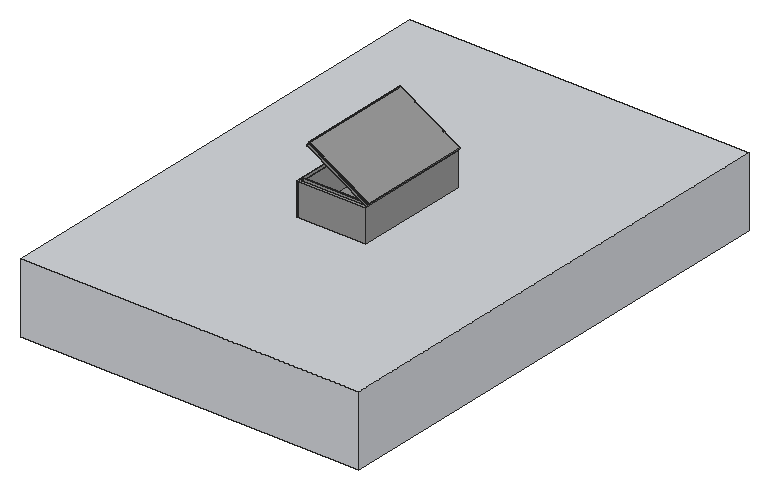
Revit family "Hager-Univers-IP44-D161-3rows-Cl.II-FWB_encl_empty-AT-de", category Equipement électrique, Revit 2020
Family settings
  Hôte = Face
  Configuration du panneau = Deux colonnes, circuits au sein
  Cote de connecteur circulaire = Utiliser le diamètre
  Type d'élément = Tableau de raccordement
  Couper avec des vides une fois chargée = Non
  Partagée = Non
  Point de calcul de pièce = Non
Parameters (values of type "Aufputz IP44 B300 H500 T161  - FWB31D")
  Width Control [instance] = if([EF000008 - Breite] > Min Width, [EF000008 - Breite], Min Width)  # 300 mm
  Commentaires du type = [HG000003 - Bereich]  # "Univers"
  Thickness Door [instance] = if([EF009171 - Materialstärke Tür/Deckel] > 3 mm, 3 mm, [EF009171 - Materialstärke Tür/Deckel])  # 2 mm
  Seal Frame Offset [instance] = 17 mm  # constant formula
  Plinth Visibility [instance] = [HG000027 - Sockelhöhe] > 0 mm  # no
  Model = ""
  Min Width [instance] = 100 mm  # constant formula
  Min Height [instance] = 100 mm  # constant formula
  Min Depth [instance] = (2 * [EF009170 - Materialstärke Gehäuse]) + 1 mm  # 5 mm
  Internal Frame Depth [instance] = (Door System Depth * 0.5)  # 9 mm
  Height Control [instance] = if([EF000040 - Höhe] > Min Height, [EF000040 - Höhe], Min Height)  # 500 mm
  HG000027 - Sockelhöhe = 0 mm
  HG000026 - Stehend auf dem Boden = no
  HG000024 - Höhe des unteren Teils = 800 mm
  HG000023 - Gehäuse mit doppeltem Querschnitt = no
  HG000016 - 3D-Türsichtbarkeit [instance] = yes
  HG000015 - Sichtbarkeit der Türöffnung [instance] = no
  HG000014 - Tür rechts [instance] = yes
  HG000013 - Tür links [instance] = not([HG000014 - Tür rechts])  # no
  HG000012 - Türschwenkwinkel [instance] = 30.00°
  HG000010 - Asymmetrische Türen = no
  HG000009 - Doppelflügeligen Tür = no
  HG000006 - Unterputz = no
  HG000004 - Herstellerreferenz = "FWB31D"
  HG000003 - Bereich = "Univers"
  HG000002 - Mit tür = yes
  Frame Offset Bottom [instance] = 10 mm  # constant formula
  Frame Offset [instance] = 15 mm  # constant formula
  EF015940 - Deckel mit Überdruckentlastung = no
  EF011959 - Schutzart (NEMA) = ""
  EF009554 - Anzahl der Öffnungen für Flanschplatten = 2
  Fabricant = "Hager"  # constant formula
  EF009212 - Ausführung Deckel = "EV000116 - geschlossen"
  EF009171 - Materialstärke Tür/Deckel = 2 mm
  EF009170 - Materialstärke Gehäuse = 2 mm
  EF008873 - Nennstrom (In) = 125 A
  EF007800 - Geeignet für Blitzschutz = no
  EF006306 - Mit Schloss = no
  EF006244 - Transparenter Deckel/Tür = no
  EF005474 - Schutzart (IP) = "EV006418 - IP44"
  EF004464 - Art der Tür = "EV002646 - Einzel"
  EF004427 - Anzahl der Module = 36
  EF004293 - Schlagfestigkeit = "EV006815 - IK09"
  EF003532 - Geeignet für Außengebrauch = no
  EF002950 - Breite in Teilungseinheiten = 12
  EF001613 - Funktionserhalt = "EV000494 - ohne"
  EF001596 - Werkstoff des Gehäuses = "EV000179 - Stahl"
  EF001131 - Innentiefe = 156 mm
  EF001088 - Anbaumöglichkeit = yes
  EF000437 - Anzahl der Leitungseinführungen = 4
  EF000339 - Art der Abdeckung = "EV004216 - Tür"
  EF000266 - Anzahl der Reihen = 0
  EF000218 - Einbautiefe = 0 mm
  EF000118 - Mit Montageplatte = no
  EF000116 - RAL-Nummer = "9010"
  EF000049 - Tiefe = 161 mm
  EF000040 - Höhe = 500 mm
  EF000008 - Breite = 300 mm
  EF000007 - Farbe = "EV000202 - weiß"
  EF000003 - Montageart = "EV000384 - Aufputz"
  Door System Leaf Tolerance [instance] = 1.5 mm  # constant formula
  Door System Depth [instance] = 18 mm  # constant formula
  Door Height [instance] = Height Control - [HG000027 - Sockelhöhe]  # 500 mm
  Depth Control [instance] = if([EF000049 - Tiefe] > Min Depth, [EF000049 - Tiefe], Min Depth)  # 161 mm
  Default Elevation = 0 mm
  Connector Offset [instance] = Height Control / 2  # 250 mm
  Bottom Top Plate Trim [instance] = 1.5 mm  # constant formula
  Plinth height Ctrl [instance] = if([HG000027 - Sockelhöhe] > 0 mm, [HG000027 - Sockelhöhe], 12 mm)  # 12 mm
Reference planes
  plane 1 "Center (Front/Back)": y = 0
  plane 2: z = 0
  plane 3 "Center (Left/Right)": x = 0
  plane 4: z = 161
  plane 5: y = 2
  plane 6: y = 250
  plane 7: y = 0
  plane 8: y = 500
  plane 9: z = 0
  plane 10: x = -135
  plane 11: x = 135
  plane 12: x = 133
  plane 13: x = -133
  plane 14: y = 498
  plane 15: x = -133
  plane 16: x = -150
  plane 17: x = 133
  plane 18: x = 150
  plane 19: x = 148
  plane 20: x = -148
  plane 21: y = 12
  plane 22: y = 500
  plane 23: y = 483
  plane 24: z = 143
  plane 25: z = 2
  plane 26: z = 141
  plane 27: z = 159
Forms (mm)
  Extrusion 1, solid
    sketch origin (0, 0, 0) x (1, 0, 0) y (0, 1, 0)
      loop
        line (-702.964, 1305) -> (-702.964, -811.445) -> (766.763, -811.445) -> (766.763, 1305) -> (-702.964, 1305)
    from 0 to -304.8
  Extrusion 2, solid, material "Hager_Steel_RAL7035_Light_Grey", visible <- "Plinth Visibility", detail levels medium+fine
    sketch origin (0, 0, 0) x (1, 0, 0) y (0, 1, 0)
      loop
        line (-150, 0) -> (150, 0) -> (150, 12) -> (-150, 12) -> (-150, 0)
    from 0 to 143
  Extrusion 3, solid, material "Hager_Steel_RAL7035_Light_Grey", detail levels medium+fine
    sketch origin (0, 0, 0) x (1, 0, 0) y (0, 1, 0)
      loop
        line (-150, 0) -> (150, 0) -> (150, 500) -> (-150, 500) -> (-150, 0)
    from 0 to 143
  Extrusion 4, void
    sketch origin (0, 0, 0) x (1, 0, 0) y (0, 1, 0)
      loop
        line (-148, 2) -> (148, 2) -> (148, 498) -> (-148, 498) -> (-148, 2)
    from 2 to 141
  Extrusion 5, void
    sketch origin (-381.607, -4572, 143) x (0, -1, 0) y (-1, 0, 0)
      loop
        line (-4584, -248.607) -> (-5055, -248.607) -> (-5055, -514.607) -> (-4584, -514.607) -> (-4584, -248.607)
    from 0 to 2 <- "EF009170 - Materialstärke Gehäuse"
  Extrusion 6, solid, material "Hager_Steel_RAL7035_Light_Grey", detail levels fine
    sketch origin (0, 0, 143) x (1, 0, 0) y (0, 1, 0)
      loop
        line (-133, 483) -> (-133, 12) -> (133, 12) -> (133, 483) -> (-133, 483)
      loop
        line (-135, 10) -> (135, 10) -> (135, 485) -> (-135, 485) -> (-135, 10)
    from 0 to 9 <- "Internal Frame Depth"
  Extrusion 7, solid, material "Hager_Steel_RAL7035_Light_Grey", detail levels coarse
    sketch origin (0, 0, 0) x (1, 0, 0) y (0, 1, 0)
      loop
        line (-150, 0) -> (150, 0) -> (150, 500) -> (-150, 500) -> (-150, 0)
    from 0 to 161
  Sweep 8, void
    path in 3D
      loop
        line (-150, 12, 0) -> (150, 12, 0) -> (150, 12, 143) -> (-150, 12, 143) -> (-150, 12, 0)
    profile origin (-150, 12, 71.5) x (-1, 0, 0) y (0, -1, 0)
      loop
        line (0, 0) -> (0, 1.5) -> (-1.5, 1.5)
        arc (-1.5, 1.5) -> (-1.061, 0.439) -> (0, 0) r 1.5
Cuts and joins
  Extrusion 4, Extrusion 5 cuts Extrusion 3
  Sweep 8 cuts Extrusion 2
Lines and regions (mm)
  Masking region 1
    outline origin (0, 0, 0) x (1, 0, 0) y (0, 0, 1)
      loop
        line (-150, 161) -> (-150, 0) -> (150, 0) -> (150, 161) -> (-150, 161)
  Masking region 2, detail levels medium+fine
    outline origin (0, 140, 0) x (0, 1, 0) y (0, 0, 1)
      loop
        line (-140, 0) -> (360, 0) -> (360, 143) -> (-140, 143) -> (-140, 0)
  Masking region 3, not visible, detail levels medium+fine
    outline origin (0, 297.922, 0) x (0, 1, 0) y (0, 0, 1)
      loop
        line (-36.422, 0) -> (3.578, 0) -> (3.578, 149)
        arc (3.578, 149) -> (0.649, 156.071) -> (-6.422, 159) r 10
        line (-6.422, 159) -> (-36.422, 159) -> (-36.422, 0)
  Masking region 4, detail levels coarse
    outline origin (0, 0, 180) x (0, 1, 0) y (0, 0, 1)
      loop
        line (0, -180) -> (500, -180) -> (500, -19) -> (0, -19) -> (0, -180)
  Masking region 5, visible <- "Plinth Visibility", detail levels medium+fine
    outline origin (0, 52.24, 12.345) x (0, 0, -1) y (0, 1, 0)
      loop
        line (10.845, -40.24) -> (-129.155, -40.24)
        arc (-129.155, -40.24) -> (-129.594, -41.301) -> (-130.655, -41.74) r 1.5
        line (-130.655, -41.74) -> (-130.655, -52.24) -> (12.345, -52.24) -> (12.345, -41.74)
        arc (12.345, -41.74) -> (11.285, -41.301) -> (10.845, -40.24) r 1.5
  Masking region 6, detail levels medium+fine
    outline origin (-381.607, -4572, 143) x (-1, 0, 0) y (0, -1, 0)
      loop
        line (-231.607, -5072) -> (-231.607, -4572) -> (-531.607, -4572) -> (-531.607, -5072) -> (-231.607, -5072)
  Masking region 7, visible <- "Plinth Visibility", detail levels medium+fine
    outline origin (-381.607, -4727, 143) x (-1, 0, 0) y (0, -1, 0)
      loop
        arc (-233.107, -4739) -> (-232.668, -4737.939) -> (-231.607, -4737.5) r 1.5
        line (-231.607, -4737.5) -> (-231.607, -4727) -> (-531.607, -4727) -> (-531.607, -4737.5)
        arc (-531.607, -4737.5) -> (-530.546, -4737.939) -> (-530.107, -4739) r 1.5
        line (-530.107, -4739) -> (-233.107, -4739)
  Masking region 8, detail levels coarse
    outline origin (-442.548, -4669.526, 143) x (-1, 0, 0) y (0, -1, 0)
      loop
        line (-292.548, -5169.526) -> (-292.548, -4669.526) -> (-592.548, -4669.526) -> (-592.548, -5169.526) -> (-292.548, -5169.526)
  sketch lines
    curve 1: line (-150, 12, 143) -> (-150, 12, 0)
    curve 2: line (150, 12, 143) -> (-150, 12, 143)
    curve 3: line (150, 12, 143) -> (150, 12, 0)
    curve 4: line (-150, 12, 0) -> (150, 12, 0)
Dimensions and locks
  "Depth Control": plane 4 to Extrusion 1
  "HG000027 - Sockelhöhe": plane 1 "Center (Front/Back)" to plane 7
  "EF009170 - Materialstärke Gehäuse": plane 5 to plane 7
  locked: connector elem to plane 3 "Center (Left/Right)"
  equal spacing: plane 8, plane 6, plane 7
  locked: connector elem to plane 6
  "EF009170 - Materialstärke Gehäuse": plane 8 to plane 14
  "EF009170 - Materialstärke Gehäuse": plane 10 to plane 13
  "EF009170 - Materialstärke Gehäuse": plane 12 to plane 11
  "Frame Offset": plane 20 to plane 13
  "Frame Offset": plane 12 to plane 19
  "EF009170 - Materialstärke Gehäuse": plane 16 to plane 20
  "EF009170 - Materialstärke Gehäuse": plane 19 to plane 18
  "Seal Frame Offset": plane 16 to plane 15
  "Seal Frame Offset": plane 17 to plane 18
  "Frame Offset Bottom": plane 21 to plane 5
  "Frame Offset": plane 14 to plane 23
  equal spacing: plane 16, plane 3 "Center (Left/Right)", plane 18
  "Width Control": plane 16 to plane 18
  "EF009170 - Materialstärke Gehäuse": plane 4 to plane 27
  "EF009170 - Materialstärke Gehäuse": plane 24 to plane 26
  "EF009170 - Materialstärke Gehäuse": plane 25 to level
  "Door System Depth": plane 4 to plane 24
  "Height Control": plane 1 "Center (Front/Back)" to Extrusion 7 sketch curve
  "Height Control": Masking region 4 sketch curve to plane 1 "Center (Front/Back)"
  "Height Control": plane 1 "Center (Front/Back)" to plane 22
  "Bottom Top Plate Trim": profile plane to Sweep 8 sketch curve
  "Bottom Top Plate Trim": Sweep 8 sketch curve to profile plane
  "Plinth height Ctrl": plane 1 "Center (Front/Back)" to Extrusion 2 sketch curve
  "Plinth height Ctrl": Masking region 5 sketch curve to plane 1 "Center (Front/Back)"
  "Plinth height Ctrl": plane 1 "Center (Front/Back)" to Masking region 7 sketch curve
  "Thickness Door": Extrusion 6 sketch curve to Extrusion 6 sketch curve  (x3)
  "Thickness Door": cut or joined group of Extrusion 3, Extrusion 4, Extrusion 5 to Extrusion 6 sketch curve
  radius of Masking region 3 sketch curve = 10 mm
  "Bottom Top Plate Trim": radius of Masking region 5 sketch curve  (x2)
  "Bottom Top Plate Trim": radius of Sweep 8 sketch curve
  "Bottom Top Plate Trim": radius of Masking region 7 sketch curve  (x2)
  aligned and locked: plane 2 to Extrusion 1
  aligned and locked: level to Extrusion 1
  aligned and locked: level to Masking region 1 sketch curve
  aligned and locked: Masking region 1 sketch curve to plane 18
  aligned and locked: Masking region 1 sketch curve to plane 16
  aligned and locked: plane 7 to Masking region 2 sketch curve
  aligned and locked: level to Masking region 3 sketch curve
  aligned and locked: Masking region 3 sketch curve to plane 27
  aligned and locked: level to Masking region 2 sketch curve
  aligned and locked: plane 1 "Center (Front/Back)" to Extrusion 2 sketch curve
  aligned and locked: Extrusion 3 sketch curve to plane 7
  aligned and locked: plane 16 to Extrusion 3 sketch curve
  aligned and locked: plane 18 to Extrusion 3 sketch curve
  aligned and locked: plane 20 to Extrusion 4 sketch curve
  aligned and locked: plane 19 to Extrusion 4 sketch curve
  aligned and locked: Extrusion 4 sketch curve to plane 5
  aligned and locked: Extrusion 4 to plane 25
  aligned and locked: plane 26 to Extrusion 4
  aligned and locked: plane 24 to Extrusion 3
  aligned and locked: plane 21 to Extrusion 5 sketch curve
  aligned and locked: Extrusion 5 sketch curve to plane 13
  aligned and locked: Extrusion 5 sketch curve to plane 12
  aligned and locked: plane 18 to Extrusion 7 sketch curve
  aligned and locked: plane 1 "Center (Front/Back)" to Extrusion 7 sketch curve
  aligned and locked: plane 16 to Extrusion 7 sketch curve
  aligned and locked: plane 4 to Extrusion 7
  aligned and locked: Extrusion 7 to level
  aligned and locked: level to Masking region 4 sketch curve
  aligned and locked: Masking region 4 sketch curve to plane 1 "Center (Front/Back)"
  aligned and locked: Masking region 4 sketch curve to plane 4
  aligned and locked: nested 1 to level
  aligned and locked: nested 1 to plane 16
  aligned and locked: plane 8 to Extrusion 3 sketch curve
  aligned and locked: plane 23 to Extrusion 5 sketch curve
  aligned and locked: plane 14 to Extrusion 4 sketch curve
  aligned and locked: Masking region 2 sketch curve to plane 8
  aligned and locked: level to Masking region 5 sketch curve
  aligned and locked: plane 16 to Extrusion 2 sketch curve
  aligned and locked: plane 18 to Extrusion 2 sketch curve
  aligned and locked: Masking region 5 sketch curve to plane 24
  aligned and locked: Masking region 2 sketch curve to plane 24
  aligned and locked: plane 24 to Extrusion 2
  aligned and locked: profile plane to Sweep 8 sketch curve  (x2)
  aligned and locked: Masking region 6 sketch curve to plane 18
  aligned and locked: Masking region 6 sketch curve to plane 22
  aligned and locked: Masking region 6 sketch curve to plane 16
  aligned and locked: plane 8 to plane 22
  aligned and locked: plane 7 to Masking region 6 sketch curve
  aligned and locked: Masking region 7 sketch curve to plane 16
  aligned and locked: Masking region 7 sketch curve to plane 1 "Center (Front/Back)"
  aligned and locked: Masking region 7 sketch curve to plane 18
  aligned and locked: Masking region 8 sketch curve to plane 1 "Center (Front/Back)"
  aligned and locked: Masking region 8 sketch curve to plane 18
  aligned and locked: Masking region 8 sketch curve to plane 22
  aligned and locked: Masking region 8 sketch curve to plane 16
  aligned and locked: nested 2 to plane 7
  aligned and locked: plane 3 "Center (Left/Right)" to nested 2
  aligned and locked: plane 24 to nested 2
  aligned and locked: Extrusion 6 sketch curve to cut or joined group of Extrusion 3, Extrusion 4, Extrusion 5  (x4)
Automatic sketch dimensions
  Extrusion 1 sketch curve to Extrusion 1 sketch curve = 1469.727 mm
  Extrusion 1 sketch curve to Extrusion 1 sketch curve = 2116.445 mm
  Masking region 1 sketch curve to plane 4 = 0 mm
  plane 6 to Masking region 3 sketch curve = 11.5 mm
  Masking region 3 sketch curve to Masking region 3 sketch curve = 30 mm
  Masking region 5 sketch curve to plane 1 "Center (Front/Back)" = 0 mm
Nested families
  nested 1: "Hager_Enclosure_Symbol" at (-150, 0, 0) x (1, 0, 0) z (0, -1, 0), Height <- "Depth Control", Width <- "Width Control", type "Hager_Enclosure_Symbol"
    with Width_Ctrl 300 mm, Width 300 mm, Height_Ctrl 161 mm, Height 161 mm, A_Width_Int 10.566 mm, A_Width 126.788 mm, A_Height_Ctrl 140.875 mm, A_Height 140.875 mm
  nested 2: "EC000058_Univers_Door" at (0, 0, 143) x (1, 0, 0) z (0, 1, 0), Leaf_Tolerance <- "Door System Leaf Tolerance", Angle <- "HG000012 - Türschwenkwinkel", Door_Depth <- "Door System Depth", Door_Left <- "HG000013 - Tür links", Transparent <- "EF006244 - Transparenter Deckel/Tür", Assymetrical <- "HG000010 - Asymmetrische Türen", Width <- "Width Control", Clearance <- "HG000015 - Sichtbarkeit der Türöffnung", Double <- "HG000009 - Doppelflügeligen Tür", 3d_Door <- "HG000016 - 3D-Türsichtbarkeit", Lock_Visibility <- "EF006306 - Mit Schloss", Width_Ctrl <- "Width Control", Door_Right <- "HG000014 - Tür rechts", Door <- "HG000002 - Mit tür", Height <- "Door Height", Thickness <- "Thickness Door", type "EC000058_Univers_Door", detail levels medium+fine
    with min_wh 5 mm, Width_Ctrl 300 mm, Width 300 mm, Transparent no, Thickness 2 mm, Seal_Material Hager_Rubber, Lock_Visibility no, Lock_Material Hager_Plastic_RAL9005_Jet_Black, Leaf_Width 300 mm, Leaf_Tolerance_External_Sides 0 mm, Leaf_Tolerance 1.5 mm, Leaf_Offset 0 mm, Leaf_Height 497 mm, Leaf_2_Width 300 mm, Leaf_2_Offset 150 mm, Leaf_1_Width 300 mm, Leaf_1_Offset 150 mm, Height_Ctrl 500 mm, Height 500 mm, Glass_Material Hager_Glass, Double_Clearance_Ctrl no, Double no, Door_Right_Ctrl yes, Door_Right yes, Door_Material Hager_Steel_RAL7035_Light_Grey, Door_Left_Ctrl no, Door_Left no, Door_Depth 18 mm, Door yes, Clearance_Material Hager_Clearance, Clearance_Depth 300 mm, Clearance_Ctrl no, Clearance no, Assymetrical no, Angle 30.00°, 3d_Door yes
Connectors
  electrical at (0, 250, 0)
    settings: on plane 9, index 1, voltage 0 V, apparent load 0 VA, apparent load phase1 0 VA, apparent load phase2 0 VA, apparent load phase3 0 VA, power factor 1, load classification "Other", number of poles 1, system type 30, power factor state 1, is connector primary yes, connector utility no, sub classification motor no, connector description ""
Definition of nested family "EC000058_Univers_Door"
  Parameters (values of type "EC000058_Univers_Door")
    min_wh [instance] = (2 * Thickness) + 1 mm  # 11 mm
    Width_Ctrl [instance] = 400 mm
    Width [instance] = 500 mm
    Transparent [instance] = yes
    Thickness [instance] = 5 mm
    Seal_Material [instance] = none
    Lock_Visibility [instance] = yes
    Lock_Material [instance] = none
    Leaf_Width [instance] = if((Width_Ctrl - 2 * Leaf_Tolerance_External_Sides) > 0 mm, (Width_Ctrl - 2 * Leaf_Tolerance_External_Sides), min_wh)  # 400 mm
    Leaf_Tolerance_External_Sides [instance] = 0 mm  # constant formula
    Leaf_Tolerance [instance] = 1.5 mm
    Leaf_Offset [instance] = 0 mm  # constant formula
    Leaf_Height [instance] = if((Height_Ctrl - 2 * Leaf_Tolerance) > 0 mm, (Height_Ctrl - 2 * Leaf_Tolerance), min_wh)  # 497 mm
    Leaf_2_Width [instance] = if(and(and(Double, Assymetrical), Door_Left), (Leaf_Width / 3) - (Leaf_Tolerance / 2), if(and(and(Double, Assymetrical), Door_Right), (Leaf_Width / 3) * 2 - (Leaf_Tolerance / 2), if(and(Double, not(Assymetrical)), (Leaf_Width / 2) - Leaf_Tolerance, Leaf_Width)))  # 400 mm
    Leaf_2_Offset [instance] = if(and(Double, Assymetrical), Leaf_2_Width / 2, if(and(Double, not(Assymetrical)), Leaf_Width / 4, Leaf_Width / 2))  # 200 mm
    Leaf_1_Width [instance] = if(and(and(Double, Assymetrical), Door_Right), (Leaf_Width / 3) - (Leaf_Tolerance / 2), if(and(and(Double, Assymetrical), Door_Left), (Width / 3) * 2 - (Leaf_Tolerance / 2), if(and(Double, not(Assymetrical)), (Leaf_Width / 2) - Leaf_Tolerance, Leaf_Width)))  # 400 mm
    Leaf_1_Offset [instance] = if(and(Double, Assymetrical), Leaf_1_Width / 2, if(and(Double, not(Assymetrical)), Leaf_Width / 4, Leaf_Width / 2))  # 200 mm
    Height_Ctrl [instance] = if(Height > min_wh, Height, min_wh)  # 500 mm
    Height [instance] = 500 mm
    Glass_Material [instance] = none
    Double_Clearance_Ctrl [instance] = and(Double, Clearance)  # no
    Double [instance] = no
    Door_Right_Ctrl [instance] = and(or(Door_Right, Double), Door)  # yes
    Door_Right [instance] = yes
    Door_Material [instance] = none
    Door_Left_Ctrl [instance] = and(or(Door_Left, Double), Door)  # no
    Door_Left [instance] = no
    Door_Depth [instance] = 30 mm
    Door [instance] = yes
    Default Elevation = 1219.2 mm
    Clearance_Material [instance] = none
    Clearance_Depth [instance] = if(Leaf_1_Width > Leaf_2_Width, Leaf_1_Width, Leaf_2_Width)  # 400 mm
    Clearance_Ctrl [instance] = and(not(Double), Clearance)  # yes
    Clearance [instance] = yes
    Assymetrical [instance] = yes
    Angle [instance] = 30.00°
    3d_Door [instance] = yes
  Reference planes
    plane 1 "Center (Front/Back)": y = 0
    plane 2 "Bottom": z = 0
    plane 3 "Center (Left/Right)": x = 0
    plane 4: z = 500
    plane 5: x = -200
    plane 6: x = 200
    plane 7: z = 500
    plane 8: x = -200
    plane 9: z = 0
    plane 10: x = 200
    plane 11: y = 0
    plane 12: z = 1.5
    plane 13: x = -600
    plane 14: y = -400
    plane 15: x = 600
    plane 16: x = 0
    plane 17: x = 0
    plane 18: x = -200
    plane 19: x = 200
    plane 20: z = 498.5
  Forms (mm)
    Extrusion 1, solid, material <- "Clearance_Material", visible <- "Double_Clearance_Ctrl"
      sketch origin (1200, 0, 0) x (1, 0, 0) y (0, 0, -1)
        loop
          line (-1800, -498.5) -> (-600, -498.5) -> (-600, 0) -> (-1800, 0) -> (-1800, -498.5)
      from 0 to -400
  Dimensions and locks
    equal spacing: plane 5, plane 3 "Center (Left/Right)", plane 6
    "Width_Ctrl": plane 5 to plane 6
    "Leaf_Offset": plane 5 to plane 8
    "Leaf_Offset": plane 6 to plane 10
    "Leaf_Offset": plane 9 to level
    "Leaf_Offset": plane 4 to plane 7
    "Height_Ctrl": plane 4 to level
    "Leaf_Tolerance": plane 12 to plane 9
    locked: plane 11 to plane 1 "Center (Front/Back)"
    "Leaf_1_Offset": plane 18 to plane 16
    "Leaf_2_Offset": plane 17 to plane 19
    "Leaf_1_Width": plane 13 to plane 8
    "Leaf_2_Width": plane 10 to plane 15
    "Clearance_Depth": plane 14 to plane 1 "Center (Front/Back)"
    "Leaf_Tolerance_External_Sides": plane 8 to plane 18
    "Leaf_Tolerance_External_Sides": plane 19 to plane 10
    "Leaf_Tolerance": plane 7 to plane 20
    aligned and locked: level to plane 2 "Bottom"
    aligned and locked: nested 1 to plane 16
    aligned and locked: nested 2 to plane 17
    aligned and locked: Extrusion 1 to plane 13
    aligned and locked: plane 15 to Extrusion 1
    aligned and locked: Extrusion 1 to plane 14
    aligned and locked: plane 12 to nested 1
    aligned and locked: nested 2 to plane 12
    aligned and locked: Extrusion 1 to plane 11
    aligned and locked: plane 20 to Extrusion 1
    aligned and locked: nested 2 to plane 11
    aligned and locked: nested 1 to plane 11
  Automatic sketch dimensions
    Extrusion 1 sketch curve to level = 0 mm
    plane 5 to Extrusion 1 sketch curve = 400 mm
    plane 6 to Extrusion 1 sketch curve = 400 mm
    Extrusion 1 sketch curve to plane 4 = 1.5 mm
  Nested families
    nested 1: "EC000058_Univers_Door_Leaf" at (0, 0, 1.5), Width <- "Leaf_1_Width", visible <- "Door_Left_Ctrl", Leaf_Height <- "Leaf_Height", Angle <- "Angle", 3d_Door <- "3d_Door", Transparent <- "Transparent", Clearance Material <- "Clearance_Material", Clearance <- "Clearance_Ctrl", Door_Material <- "Door_Material", Glass_Material <- "Glass_Material", Door_Depth <- "Door_Depth", Lock_Material <- "Lock_Material", Seal_Material <- "Seal_Material", Lock_Visibility <- "Lock_Visibility", Thickness <- "Thickness", type "EC000058_Univers_Door_Leaf"
      with Width 400 mm, Transparent_Glass_Offset 30 mm, Transparent_Ctrl yes, Transparent yes, Thickness 5 mm, Standard no, Seal_Material none, Seal_D2 8 mm, Seal_D1 1 mm, Offset_Internal_Frame 10 mm, Lock_Width 20 mm, Lock_Visibility_3d yes, Lock_Visibility yes, Lock_Thickness_3 3 mm, Lock_Thickness_2 1 mm, Lock_Thickness_1 3 mm, Lock_Radius_Offset_2 16 mm, Lock_Radius_Offset_1 15 mm, Lock_Radius_2 5 mm, Lock_Radius 6 mm, Lock_Offset 5 mm, Lock_Material none, Lock_Height 80 mm, Lock_Cover_Top_Offset_2d 17 mm, Lock_Cover_Height -65 mm, Leaf_Height 497 mm, Internal_Seal_Thickness 8 mm, Internal_Seal_Depth_2 4.5 mm, Internal_Frame_Depth 25 mm, Glass_Thickness -1 mm, Glass_Offset -2 mm, Glass_Material none, Door_Material none, Door_Depth 30 mm, Clearance Material none, Clearance yes, Angle_Ctrl 30.00°, Angle 30.00°, 3d_Door yes
    nested 2: "EC000058_Univers_Door_Leaf" at (0, 0, 1.5) x (-1, 0, 0) z (0, 0, 1), Width <- "Leaf_2_Width", visible <- "Door_Right_Ctrl", Leaf_Height <- "Leaf_Height", Angle <- "Angle", 3d_Door <- "3d_Door", Transparent <- "Transparent", Clearance Material <- "Clearance_Material", Clearance <- "Clearance_Ctrl", Door_Material <- "Door_Material", Glass_Material <- "Glass_Material", Door_Depth <- "Door_Depth", Lock_Material <- "Lock_Material", Seal_Material <- "Seal_Material", Lock_Visibility <- "Lock_Visibility", Thickness <- "Thickness", type "EC000058_Univers_Door_Leaf"
      with Width 400 mm, Transparent_Glass_Offset 30 mm, Transparent_Ctrl yes, Transparent yes, Thickness 5 mm, Standard no, Seal_Material none, Seal_D2 8 mm, Seal_D1 1 mm, Offset_Internal_Frame 10 mm, Lock_Width 20 mm, Lock_Visibility_3d yes, Lock_Visibility yes, Lock_Thickness_3 3 mm, Lock_Thickness_2 1 mm, Lock_Thickness_1 3 mm, Lock_Radius_Offset_2 16 mm, Lock_Radius_Offset_1 15 mm, Lock_Radius_2 5 mm, Lock_Radius 6 mm, Lock_Offset 5 mm, Lock_Material none, Lock_Height 80 mm, Lock_Cover_Top_Offset_2d 17 mm, Lock_Cover_Height -65 mm, Leaf_Height 497 mm, Internal_Seal_Thickness 8 mm, Internal_Seal_Depth_2 4.5 mm, Internal_Frame_Depth 25 mm, Glass_Thickness -1 mm, Glass_Offset -2 mm, Glass_Material none, Door_Material none, Door_Depth 30 mm, Clearance Material none, Clearance yes, Angle_Ctrl 30.00°, Angle 30.00°, 3d_Door yes
  Definition of nested family "EC000058_Univers_Door_Leaf"
    Parameters (values of type "EC000058_Univers_Door_Leaf")
      Width [instance] = 2000 mm
      Transparent_Glass_Offset [instance] = 30 mm
      Transparent_Ctrl [instance] = and(Transparent, [3d_Door])  # yes
      Transparent [instance] = yes
      Thickness [instance] = 5 mm
      Standard [instance] = and(not(Transparent), [3d_Door])  # no
      Seal_Material [instance] = none
      Seal_D2 [instance] = 8 mm  # constant formula
      Seal_D1 [instance] = 1 mm  # constant formula
      Offset_Internal_Frame [instance] = 10 mm  # constant formula
      Lock_Width [instance] = 20 mm  # constant formula
      Lock_Visibility_3d [instance] = and(Lock_Visibility, [3d_Door])  # yes
      Lock_Visibility [instance] = yes
      Lock_Thickness_3 [instance] = 3 mm  # constant formula
      Lock_Thickness_2 [instance] = 1 mm  # constant formula
      Lock_Thickness_1 [instance] = 3 mm  # constant formula
      Lock_Radius_Offset_2 [instance] = Lock_Radius_Offset_1 + 1 mm  # 16 mm
      Lock_Radius_Offset_1 [instance] = 15 mm  # constant formula
      Lock_Radius_2 [instance] = Lock_Radius - 1 mm  # 5 mm
      Lock_Radius [instance] = 6 mm  # constant formula
      Lock_Offset [instance] = 5 mm  # constant formula
      Lock_Material [instance] = none
      Lock_Height [instance] = 80 mm  # constant formula
      Lock_Cover_Top_Offset_2d [instance] = Lock_Radius_Offset_2 + 1 mm  # 17 mm
      Lock_Cover_Height [instance] = -(Lock_Height - Lock_Radius_Offset_1)  # -65 mm
      Leaf_Height [instance] = 2720.336 mm
      Internal_Seal_Thickness [instance] = 8 mm  # constant formula
      Internal_Seal_Depth_2 [instance] = 4.5 mm  # constant formula
      Internal_Frame_Depth [instance] = if(Door_Depth - Thickness > 5 mm, Door_Depth - Thickness, 5 mm)  # 25 mm
      Glass_Thickness [instance] = if(Thickness > 15 mm, Glass_Offset + 10 mm, -1 mm)  # -1 mm
      Glass_Offset [instance] = if(Thickness > 15 mm, -(Thickness + 10 mm) / 2, -2 mm)  # -2 mm
      Glass_Material [instance] = none
      Door_Material [instance] = none
      Door_Depth [instance] = 30 mm
      Default Elevation = 0 mm
      Clearance Material [instance] = none
      Clearance [instance] = yes
      Angle_Ctrl [instance] = if(Angle > 180.00°, 180.00°, Angle)  # 90.00°
      Angle [instance] = 90.00°
      3d_Door [instance] = yes
    Reference planes
      plane 1 "Center (Front/Back)": y = 0
      plane 2: z = 0
      plane 3 "Center (Left/Right)": x = 0
      plane 4: y = 2000
      plane 5: x = -1000
      plane 6: x = 1000
      plane 7: x = -3000
      plane 8: z = 2720.336
      plane 9: z = 30
      plane 10: z = 2690.336
      plane 11: x = 970
      plane 12: x = -970
      plane 13: y = -3
      plane 14: z = 107.833
      plane 15: y = -5
      plane 16: y = -223.314
      plane 17: x = -1000
      plane 18: z = 1360.168
      plane 19: y = 30
    Forms (mm)
      Extrusion 1, solid, material <- "Clearance Material", visible <- "Clearance"
        sketch origin (0, 0, 0) x (1, 0, 0) y (0, 0, 1)
          loop
            line (-3000, 2720.336) -> (-3000, 0) -> (1000, 0) -> (1000, 2720.336) -> (-3000, 2720.336)
        from 0 to -2000
      Extrusion 2, solid, material <- "Door_Material", visible <- "Standard", detail levels medium+fine
        sketch origin (-1000, 0, 0) x (0, 1, 0) y (-1, 0, 0)
          loop
            line (0, 30) -> (0, 25) -> (2000, 25) -> (2000, 30) -> (0, 30)
        from 0 to 2720.336 <- "Leaf_Height"
      Extrusion 3, solid, material <- "Door_Material", visible <- "Transparent_Ctrl", detail levels medium+fine
        sketch origin (-1000, 0, 0) x (0, 1, 0) y (-1, 0, 0)
          loop
            line (0, 25) -> (2000, 25) -> (2000, 30) -> (0, 30) -> (0, 25)
        from 0 to 2720.336 <- "Leaf_Height"
      Extrusion 4, void
        sketch origin (-1025, 2000, 0) x (0, 1, 0) y (0, 0, -1)
          loop
            line (-30, -2690.336) -> (-30, -30) -> (-1970, -30) -> (-1970, -2690.336) -> (-30, -2690.336)
        from 0 to 5 <- "Thickness"
      Sweep 5, solid, material <- "Seal_Material", visible <- "Transparent_Ctrl", detail levels fine
        path in 3D
          loop
            line (-1025, 30, 30) -> (-1025, 30, 2690.336) -> (-1025, 1970, 2690.336) -> (-1025, 1970, 30) -> (-1025, 30, 30)
        profile origin (-1025, 1000, 30) x (1, 0, 0) y (0, 0, 1)
          loop
            line (0, 0) -> (0, -8) -> (1, -8) -> (1, 0) -> (0, 0)
      Extrusion 6, solid, material <- "Glass_Material", visible <- "Transparent_Ctrl", detail levels medium+fine
        sketch origin (-1030, 0, 0) x (0, 1, 0) y (0, 0, -1)
          loop
            line (1970, -2690.336) -> (1970, -30) -> (30, -30) -> (30, -2690.336) -> (1970, -2690.336)
        from -2 <- "Glass_Offset" to -1 <- "Glass_Thickness"
      Extrusion 7, solid, material <- "Door_Material", visible <- "3d_Door", detail levels medium+fine
        sketch origin (-1025, 2000, 0) x (0, -1, 0) y (0, 0, -1)
          loop
            line (0, -2720.336) -> (2000, -2720.336) -> (2000, 0) -> (0, 0) -> (0, -2720.336)
          loop
            line (1995, -5) -> (5, -5) -> (5, -2715.336) -> (1995, -2715.336) -> (1995, -5)
        from 0 to 25 <- "Internal_Frame_Depth"
      Sweep 8, solid, material <- "Seal_Material", visible <- "Transparent_Ctrl", detail levels fine
        path in 3D
          loop
            line (-1025, 0, 0) -> (-1025, 2000, 0) -> (-1025, 2000, 2720.336) -> (-1025, 0, 2720.336) -> (-1025, 0, 0)
        profile origin (-1025, 0, 1360.168) x (1, 0, 0) y (0, 1, 0)
          loop
            line (0, 10) -> (2.975, 10)
            arc (2.975, 10) -> (4.053, 10.447) -> (4.5, 11.525) r 1.525
            line (4.5, 11.525) -> (4.5, 16.527)
            arc (4.5, 16.527) -> (4.069, 17.569) -> (3.027, 18) r 1.473
            line (3.027, 18) -> (0, 18) -> (0, 10)
      Extrusion 9, solid, material <- "Lock_Material", visible <- "Lock_Visibility_3d", detail levels fine
        sketch origin (-1030, 0, 0) x (0, 1, 0) y (0, 0, -1)
          loop
            arc (1993.5, -1400.168) -> (1994.561, -1399.729) -> (1995, -1398.668) r 1.5
            line (1995, -1398.668) -> (1995, -1320.168) -> (1975, -1320.168) -> (1975, -1398.668)
            arc (1975, -1398.668) -> (1975.439, -1399.729) -> (1976.5, -1400.168) r 1.5
            line (1976.5, -1400.168) -> (1993.5, -1400.168)
        from 3 <- "Lock_Thickness_1" to 0
      Blend 10, solid, material <- "Lock_Material", visible <- "Lock_Visibility_3d", detail levels fine
        base sketch origin (-1033, 0, 0) x (0, 1, 0) y (0, 0, -1)
          loop
            line (1975, -1320.168) -> (1975, -1398.668)
            arc (1975, -1398.668) -> (1975.439, -1399.729) -> (1976.5, -1400.168) r 1.5
            line (1976.5, -1400.168) -> (1993.5, -1400.168)
            arc (1993.5, -1400.168) -> (1994.561, -1399.729) -> (1995, -1398.668) r 1.5
            line (1995, -1398.668) -> (1995, -1320.168) -> (1975, -1320.168)
        top sketch origin (-1033, 0, 0) x (0, 1, 0) y (0, 0, -1)
          loop
            line (1976, -1320.168) -> (1976, -1398.668)
            arc (1976, -1398.668) -> (1976.146, -1399.022) -> (1976.5, -1399.168) r 0.5
            line (1976.5, -1399.168) -> (1993.5, -1399.168)
            arc (1993.5, -1399.168) -> (1993.854, -1399.022) -> (1994, -1398.668) r 0.5
            line (1994, -1398.668) -> (1994, -1320.168) -> (1976, -1320.168)
        from 0 to 1 <- "Lock_Thickness_2"
      Blend 11, solid, material <- "Lock_Material", visible <- "Lock_Visibility_3d", detail levels fine
        base sketch origin (-1034, 0, 0) x (0, 1, 0) y (0, 0, -1)
          loop
            line (1978, -1320.168) -> (1978, -1384.168)
            arc (1978, -1384.168) -> (1985, -1391.168) -> (1992, -1384.168) r 7
            line (1992, -1384.168) -> (1992, -1320.168) -> (1978, -1320.168)
        top sketch origin (-1034, 0, 0) x (0, 1, 0) y (0, 0, -1)
          loop
            line (1991, -1320.168) -> (1979, -1320.168) -> (1979, -1383.168)
            arc (1979, -1383.168) -> (1985, -1389.168) -> (1991, -1383.168) r 6
            line (1991, -1383.168) -> (1991, -1320.168)
        from 0 to 3 <- "Lock_Thickness_3"
      Extrusion 12, solid, material <- "Lock_Material", visible <- "Lock_Visibility_3d", detail levels fine
        sketch origin (-1030, 1975, 1320.168) x (1, 0, 0) y (0, -1, 0)
          loop
            line (-7, -19) -> (-7, -1) -> (0, -1) -> (0, 0) -> (-8, 0) -> (-8, -20) -> (0, -20) -> (0, -19) -> (-7, -19)
        from 0 to -65 <- "Lock_Cover_Height"
      Extrusion 13, void
        sketch origin (-1038, 1995, 1320.168) x (-1, 0, 0) y (0, 0, -1)
          loop
            line (-5, -65) -> (0, -65) -> (-5, -60) -> (-5, -65)
        from 0 to 20 <- "Lock_Width"
      Extrusion 14, void
        sketch origin (-1038, 1975, 1320.168) x (0, -1, 0) y (0, 0, -1)
          loop
            circle (-10, -15.995) r 6
          loop
            circle (-10, -15.995) r 5
        from 0 to 2
      Extrusion 15, solid, material <- "Lock_Material", visible <- "Lock_Visibility_3d", detail levels medium
        sketch origin (-1030, 0, 0) x (0, 1, 0) y (0, 0, -1)
          loop
            arc (1993.5, -1400.168) -> (1994.561, -1399.729) -> (1995, -1398.668) r 1.5
            line (1995, -1398.668) -> (1995, -1320.168) -> (1975, -1320.168) -> (1975, -1398.668)
            arc (1975, -1398.668) -> (1975.439, -1399.729) -> (1976.5, -1400.168) r 1.5
            line (1976.5, -1400.168) -> (1993.5, -1400.168)
        from 8 to 0
    Cuts and joins
      Extrusion 4 cuts Extrusion 3
      Extrusion 13, Extrusion 14 cuts Extrusion 9
      Extrusion 14 cuts Blend 11
      Extrusion 13, Extrusion 14 cuts Extrusion 12
      joined: Extrusion 9, Blend 10, Blend 11, Extrusion 12
      Extrusion 14 cuts Extrusion 15
    Lines and regions (mm)
      Masking region 1, visible <- "Lock_Visibility", detail levels fine
        outline origin (0, 0, 0) x (0, 1, 0) y (0, 0, 1)
          loop
            line (30, 1320.168) -> (33, 1320.168) -> (33, 1400.168) -> (30, 1400.168) -> (30, 1320.168)
      Masking region 2, visible <- "Lock_Visibility", detail levels fine
        outline origin (0, 3.143, 0) x (0, 1, 0) y (0, 0, 1)
          loop
            line (29.857, 1354.168) -> (30.857, 1354.168) -> (30.857, 1366.168) -> (29.857, 1366.168) -> (29.857, 1354.168)
      Masking region 3, detail levels medium+fine
        outline origin (0, 0, 0) x (0, 1, 0) y (0, 0, 1)
          loop
            line (0, 0) -> (30, 0) -> (30, 2720.336) -> (0, 2720.336) -> (0, 0)
      Masking region 4, detail levels medium+fine
        outline origin (0, 0, 0) x (1, 0, 0) y (0, 0, 1)
          loop
            line (-1000, 2720.336) -> (-1000, 0) -> (1000, 0) -> (1000, 2720.336) -> (-1000, 2720.336)
      Masking region 5, visible <- "Lock_Visibility", detail levels fine
        outline origin (-47.116, 0, 0) x (1, 0, 0) y (0, 0, 1)
          loop
            arc (1024.616, 1399.168) -> (1023.556, 1398.729) -> (1023.116, 1397.668) r 1.5
            line (1023.116, 1397.668) -> (1023.116, 1320.168) -> (1041.116, 1320.168) -> (1041.116, 1397.668)
            arc (1041.116, 1397.668) -> (1040.677, 1398.729) -> (1039.616, 1399.168) r 1.5
            line (1039.616, 1399.168) -> (1024.616, 1399.168)
      Masking region 6, visible <- "Lock_Visibility", detail levels medium+fine
        outline origin (-25, 0, 0) x (1, 0, 0) y (0, 0, 1)
          loop
            arc (1001.5, 1400.168) -> (1000.439, 1399.729) -> (1000, 1398.668) r 1.5
            line (1000, 1398.668) -> (1000, 1320.168) -> (1020, 1320.168) -> (1020, 1398.668)
            arc (1020, 1398.668) -> (1019.561, 1399.729) -> (1018.5, 1400.168) r 1.5
            line (1018.5, 1400.168) -> (1001.5, 1400.168)
      Masking region 7, visible <- "Lock_Visibility", detail levels fine
        outline origin (-73.735, 0, 0) x (1, 0, 0) y (0, 0, 1)
          loop
            line (1051.735, 1382.168) -> (1065.735, 1382.168) -> (1065.735, 1384.168)
            arc (1065.735, 1384.168) -> (1058.735, 1391.168) -> (1051.735, 1384.168) r 7
            line (1051.735, 1384.168) -> (1051.735, 1382.168)
      Masking region 8, visible <- "Lock_Visibility", detail levels fine
        outline origin (-73.735, 0, 0) x (1, 0, 0) y (0, 0, 1)
          loop
            line (1052.735, 1382.168) -> (1064.735, 1382.168) -> (1064.735, 1383.168)
            arc (1064.735, 1383.168) -> (1058.735, 1389.168) -> (1052.735, 1383.168) r 6
            line (1052.735, 1383.168) -> (1052.735, 1382.168)
      Masking region 9, visible <- "Lock_Visibility", detail levels fine
        outline origin (-25, 0, 0) x (1, 0, 0) y (0, 0, 1)
          loop
            line (1020, 1320.168) -> (1020, 1382.168) -> (1000, 1382.168) -> (1000, 1320.168) -> (1020, 1320.168)
      Masking region 10, detail levels medium+fine
        outline origin (0, 0, 0) x (1, 0, 0) y (0, 0, 1)
          loop
            circle (985, 1335.144) r 6
      Masking region 11, detail levels fine
        outline origin (0, 0, 0) x (1, 0, 0) y (0, 0, 1)
          loop
            circle (985, 1335.144) r 5
      Masking region 12, visible <- "Lock_Visibility", detail levels fine
        outline origin (0, 12.767, 0) x (0, 1, 0) y (0, 0, 1)
          loop
            line (20.233, 1320.168) -> (21.233, 1320.168) -> (21.233, 1399.168) -> (20.233, 1400.168) -> (20.233, 1320.168)
      Masking region 13, visible <- "Lock_Visibility", detail levels fine
        outline origin (0, 13.767, -10) x (0, 1, 0) y (0, 0, 1)
          loop
            line (20.233, 1330.168) -> (23.233, 1330.168) -> (23.233, 1399.168) -> (20.233, 1402.168) -> (20.233, 1330.168)
      Masking region 14, visible <- "Lock_Visibility", detail levels fine
        outline origin (0, 12.767, -10) x (0, 1, 0) y (0, 0, 1)
          loop
            line (20.233, 1330.168) -> (25.233, 1330.168) -> (25.233, 1399.305) -> (20.233, 1394.305) -> (20.233, 1330.168)
      Masking region 15, visible <- "Lock_Visibility", detail levels medium
        outline origin (0, 0, 0) x (0, 1, 0) y (0, 0, 1)
          loop
            line (30, 1320.168) -> (38, 1320.168) -> (38, 1400.168) -> (30, 1400.168) -> (30, 1320.168)
      Masking region 16, visible <- "Lock_Visibility", detail levels fine
        outline origin (-1000, 0, 0) x (0, 1, 0) y (-1, 0, 0)
          loop
            line (1975, 30) -> (1995, 30) -> (1995, 38) -> (1975, 38) -> (1975, 30)
          loop
            line (1979, 37) -> (1976, 37) -> (1976, 34) -> (1978, 34) -> (1979, 37)
          loop
            line (1994, 37) -> (1991, 37) -> (1992, 34) -> (1994, 34) -> (1994, 37)
      Masking region 17, visible <- "Lock_Visibility", detail levels medium
        outline origin (-1000, 0, 0) x (0, 1, 0) y (-1, 0, 0)
          loop
            line (1975, 30) -> (1995, 30) -> (1995, 38) -> (1975, 38) -> (1975, 30)
      symbolic lines
        curve 1: line (1000, 0, 0) -> (-3000, 0, 0)
        curve 2: arc (1000, 0, 0) -> (-1000, 2000, 0) -> (-3000, 0, 0) r 2000
        curve 4: line (-1030, 0, 0) -> (-1030, 2000, 0)
      reference lines
        curve 3: line (-1000, 0, 0) -> (-1000, 2000, 0)
      symbolic lines, detail levels medium+fine
        curve 5: line (-1030, 2000, 0) -> (-1025, 2000, 0)
        curve 7: line (-1025, 0, 0) -> (-1030, 0, 0)
        curve 8: line (-1025, 0, 0) -> (-1000, 0, 0)
        curve 9: line (-1000, 0, 0) -> (-1000, 2000, 0)
        curve 10: line (-1000, 2000, 0) -> (-1025, 2000, 0)
      symbolic lines, detail levels fine
        curve 6: line (-1025, 2000, 0) -> (-1025, 0, 0)
      sketch lines
        curve 11: line (-1025, 0, 2720.336) -> (-1025, 0, 0)
        curve 12: line (-1025, 2000, 0) -> (-1025, 0, 0)
        curve 13: line (-1025, 2000, 2720.336) -> (-1025, 2000, 0)
        curve 14: line (-1025, 0, 2720.336) -> (-1025, 2000, 2720.336)
        curve 15: line (-1025, 1970, 30) -> (-1025, 30, 30)
        curve 16: line (-1025, 30, 30) -> (-1025, 30, 2690.336)
        curve 17: line (-1025, 1970, 2690.336) -> (-1025, 1970, 30)
        curve 18: line (-1025, 30, 2690.336) -> (-1025, 1970, 2690.336)
      symbolic lines, visible <- "Transparent", detail levels medium+fine
        curve 19: line (-970, 0, 2690.336) -> (970, 0, 2690.336)
        curve 20: line (-970, 0, 30) -> (-970, 0, 2690.336)
        curve 21: line (970, 0, 30) -> (-970, 0, 30)
        curve 22: line (970, 0, 2690.336) -> (970, 0, 30)
    Dimensions and locks
      "Width": plane 1 "Center (Front/Back)" to plane 4
      equal spacing: plane 5, plane 3 "Center (Left/Right)", plane 6
      "Width": plane 5 to plane 6
      "Width": plane 7 to plane 5
      "Leaf_Height": plane 8 to level
      "Width": curve 5 to curve 3
      "Width": curve 3 to curve 3
      plane 8 to plane 10 = 30 mm
      plane 9 to level = 30 mm
      plane 12 to plane 5 = 30 mm
      plane 6 to plane 11 = 30 mm
      Extrusion 1 to Extrusion 4 sketch curve = 30 mm
      "Transparent_Glass_Offset": curve 3 to Extrusion 4 sketch curve
      "Transparent_Glass_Offset": Extrusion 4 sketch curve to cut or joined group of Extrusion 3, Extrusion 4  (x2)
      cut or joined group of Extrusion 3, Extrusion 4 to Extrusion 6 sketch curve = 30 mm
      "Transparent_Glass_Offset": cut or joined group of Extrusion 3, Extrusion 4 to Extrusion 4 sketch curve
      "Thickness": curve 6 to curve 4
      "Thickness": Extrusion 7 sketch curve to Extrusion 7 sketch curve  (x4)
      "Door_Depth": curve 4 to curve 3
      "Offset_Internal_Frame": profile plane to Sweep 8 sketch curve
      "Internal_Seal_Thickness": Sweep 8 sketch curve to Sweep 8 sketch curve
      "Internal_Seal_Depth_2": profile plane to Sweep 8 sketch curve
      "Seal_D1": profile plane to Sweep 5 sketch curve
      "Seal_D2": profile plane to Sweep 5 sketch curve
      "Thickness": Extrusion 2 sketch curve to Extrusion 2 sketch curve
      equal spacing: Extrusion 9 sketch curve, plane 18, Extrusion 9 sketch curve  (x2)
      equal spacing: Masking region 1 sketch curve, plane 18, Masking region 1 sketch curve
      "Lock_Height": Masking region 1 sketch curve to Masking region 1 sketch curve
      "Lock_Radius": Masking region 2 sketch curve to plane 18 to Masking region 2 sketch curve
      Masking region 2 sketch curve to Masking region 1 = 1 mm
      "Door_Depth": plane 19 to plane 1 "Center (Front/Back)"
      "Lock_Thickness_1": Masking region 1 sketch curve to plane 19
      "Lock_Width": Extrusion 9 sketch curve to Extrusion 9 sketch curve
      "Lock_Height": Extrusion 9 sketch curve to Extrusion 9 sketch curve
      "Lock_Offset": cut or joined group of Extrusion 3, Extrusion 4 to Extrusion 9 sketch curve
      equal spacing: plane 8, plane 18, level
      "Lock_Radius_Offset_1": Blend 11 sketch curve to Blend 10
      locked: Blend 10 to Blend 11 sketch curve at 2  (x2)
      locked: var sketch to Blend 11 sketch curve at 1  (x2)
      "Lock_Radius_Offset_2": Blend 11 sketch curve to Blend 10
      locked: Extrusion 12 sketch curve to Extrusion 12 sketch curve at 1  (x3)
      Masking region 6 sketch curve to Masking region 6 sketch curve = 80 mm
      "Lock_Height": Masking region 6 sketch curve to Masking region 6 sketch curve
      "Lock_Width": Masking region 6 sketch curve to Masking region 6 sketch curve
      locked: Masking region 6 to Masking region 5 sketch curve at 1  (x3)
      locked: Masking region 5 to Masking region 7 sketch curve at 2  (x2)
      "Lock_Radius_Offset_1": Masking region 5 to Masking region 7 sketch curve
      "Lock_Radius_Offset_2": Masking region 5 to Masking region 8 sketch curve
      locked: Masking region 7 to Masking region 8 sketch curve at 1  (x2)
      "Lock_Cover_Top_Offset_2d": Masking region 5 to Masking region 9 sketch curve
      equal spacing: Masking region 9, Masking region 10 sketch curve, Masking region 9
      equal spacing: Masking region 9, Masking region 11 sketch curve, Masking region 9
      Extrusion 15 sketch curve to Extrusion 15 sketch curve = 80 mm
      "Lock_Width": Extrusion 15 sketch curve to Extrusion 15 sketch curve
      "Lock_Height": Extrusion 15 sketch curve to Extrusion 15 sketch curve
      equal spacing: Extrusion 15 sketch curve, plane 18, Extrusion 15 sketch curve
      "Lock_Thickness_3": Masking region 13 sketch curve to Masking region 13 sketch curve
      "Lock_Height": Masking region 12 sketch curve to Masking region 12 sketch curve
      locked: Masking region 13 sketch curve to Masking region 1 at 8
      locked: Masking region 14 sketch curve to Masking region 13 at 1
      locked: Masking region 14 sketch curve to Masking region 1 at 10.863
      "Lock_Height": Masking region 15 sketch curve to Masking region 15 sketch curve
      "Lock_Offset": Extrusion 15 sketch curve to cut or joined group of Extrusion 3, Extrusion 4
      "Lock_Offset": plane 6 to Masking region 6 sketch curve
      radius of Sweep 8 sketch curve = 1.525 mm
      radius of Sweep 8 sketch curve = 1.473 mm
      radius of Extrusion 9 sketch curve = 1.5 mm  (x2)
      "Lock_Radius": radius of Extrusion 14 sketch curve
      "Lock_Radius_2": radius of Extrusion 14 sketch curve
      "Lock_Radius": radius of Masking region 10 sketch curve
      "Lock_Radius_2": radius of Masking region 11 sketch curve
      radius of Extrusion 15 sketch curve = 1.5 mm  (x2)
      "Angle_Ctrl": angle plane 1 "Center (Front/Back)" to curve 3
      locked: Masking region 12 sketch curve to Masking region 12 sketch curve (angle 45.00°)
      locked: Masking region 13 sketch curve to Masking region 13 sketch curve (angle 45.00°)
      locked: Masking region 14 sketch curve to Masking region 14 sketch curve (angle 45.00°)
      aligned and locked: level to plane 2
      aligned and locked: Extrusion 1 to curve 1
      aligned and locked: plane 6 to Extrusion 1
      aligned and locked: Extrusion 1 to plane 1 "Center (Front/Back)"
      aligned and locked: plane 4 to Extrusion 1
      aligned and locked: plane 8 to Extrusion 1
      aligned and locked: curve 7 to Extrusion 2 sketch curve
      aligned and locked: curve 5 to Extrusion 2 sketch curve
      aligned and locked: curve 7 to Extrusion 3 sketch curve
      aligned and locked: Extrusion 3 sketch curve to curve 4
      aligned and locked: Extrusion 3 sketch curve to curve 6
      aligned and locked: Extrusion 3 sketch curve to curve 5
      aligned and locked: curve 9 to curve 3
      aligned and locked: Extrusion 7 sketch curve to cut or joined group of Extrusion 3, Extrusion 4  (x4)
      aligned and locked: plane 17 to curve 3
      aligned and locked: plane 1 "Center (Front/Back)" to curve 3
      aligned and locked: plane 17 to plane 5
      aligned and locked: Sweep 8 sketch curve to profile plane
      aligned and locked: Sweep 5 sketch curve to profile plane  (x2)
      aligned and locked: Masking region 1 to Masking region 2 sketch curve
      aligned and locked: plane 19 to Masking region 1 sketch curve
      aligned and locked: plane 1 "Center (Front/Back)" to Masking region 3 sketch curve
      aligned and locked: plane 19 to Masking region 3 sketch curve
      aligned and locked: level to Masking region 3 sketch curve
      aligned and locked: Masking region 3 sketch curve to plane 8
      aligned and locked: plane 17 to Masking region 4 sketch curve
      aligned and locked: level to Masking region 4 sketch curve
      aligned and locked: Masking region 4 sketch curve to plane 8
      aligned and locked: plane 12 to curve 20
      aligned and locked: plane 10 to curve 19
      aligned and locked: plane 11 to curve 22
      aligned and locked: curve 21 to plane 9
      aligned and locked: Extrusion 2 sketch curve to cut or joined group of Extrusion 3, Extrusion 4
      aligned and locked: Blend 10 sketch curve to Extrusion 9  (x4)
      aligned and locked: Extrusion 9 to Blend 10 sketch curve
      aligned and locked: Blend 10 to Blend 11 sketch curve
      aligned and locked: Extrusion 12 sketch curve to Blend 11
      aligned and locked: Extrusion 12 sketch curve to Extrusion 9  (x4)
      aligned and locked: Masking region 5 sketch curve to Masking region 6
      aligned and locked: Masking region 9 sketch curve to Masking region 6  (x3)
      aligned and locked: Masking region 12 sketch curve to Masking region 1
      aligned and locked: Masking region 13 sketch curve to Masking region 1
      aligned and locked: Masking region 12 to Masking region 14
      aligned and locked: Masking region 14 sketch curve to Masking region 1
      aligned and locked: Masking region 15 sketch curve to Masking region 14
      aligned and locked: Masking region 13 sketch curve to Masking region 12
      aligned and locked: Masking region 16 sketch curve to cut or joined group of Extrusion 14, Extrusion 15  (x4)
      aligned and locked: Masking region 16 sketch curve to cut or joined group of Extrusion 9, Blend 10, Blend 11, Extrusion 12, Extrusion 13, Extrusion 14  (x6)
      aligned and locked: cut or joined group of Extrusion 9, Blend 10, Blend 11, Extrusion 12, Extrusion 13, Extrusion 14 to Masking region 16 sketch curve
      aligned and locked: Masking region 17 sketch curve to cut or joined group of Extrusion 14, Extrusion 15  (x3)
      aligned and locked: Masking region 17 sketch curve to cut or joined group of Extrusion 9, Blend 10, Blend 11, Extrusion 12, Extrusion 13, Extrusion 14
      aligned and locked: Masking region 9 to Masking region 8 sketch curve
      aligned and locked: Masking region 9 to Masking region 7 sketch curve
    Automatic sketch dimensions
      plane 1 "Center (Front/Back)" to curve 2 = 0 mm
      curve 2 to plane 5 = 0 mm
      Extrusion 1 sketch curve to level = 0 mm
      Extrusion 1 sketch curve to plane 7 = 0 mm
      Extrusion 1 sketch curve to plane 6 = 0 mm
      Extrusion 1 sketch curve to plane 8 = 0 mm
      Extrusion 3 to Extrusion 6 sketch curve = 30 mm  (x4)
      Masking region 4 sketch curve to plane 6 = 0 mm
      Blend 10 sketch curve to Extrusion 9 = 1.5 mm
      Blend 10 sketch curve to Extrusion 9 = 1 mm
      Extrusion 13 sketch curve to Extrusion 12 = 0 mm  (x2)
      Extrusion 12 to Extrusion 13 sketch curve = 3 mm
      Extrusion 13 sketch curve to Extrusion 12 = 5 mm
      Extrusion 14 sketch curve to Extrusion 14 sketch curve = 0 mm  (x2)
      Extrusion 14 sketch curve to Extrusion 12 = 10 mm
      Extrusion 14 sketch curve to Extrusion 12 = 15.995 mm
      Masking region 5 sketch curve to Masking region 5 sketch curve = 1.5 mm  (x2)
      Masking region 10 sketch curve to plane 18 = 25.024 mm
      Masking region 11 sketch curve to plane 18 = 25.024 mm
      plane 19 to Masking region 14 sketch curve = 3 mm
      Masking region 16 sketch curve to Masking region 16 sketch curve = 3 mm
      curve 4 to curve 3 = 0 mm
      Blend 10 to Blend 11 sketch curve = 0 mm
      Masking region 6 sketch curve to Masking region 6 sketch curve = 1.5 mm  (x2)
      Masking region 6 sketch curve to plane 18 = 40 mm
      plane 19 to Masking region 12 sketch curve = 3 mm
      Masking region 12 sketch curve to Masking region 12 sketch curve = 1 mm
      Masking region 15 sketch curve to plane 19 = 0 mm
      Masking region 15 sketch curve to plane 18 = 40 mm
      radius of Blend 10 sketch curve to Extrusion 9 = 1 mm
Definition of nested family "Hager_Enclosure_Symbol"
  Parameters (values of type "Hager_Enclosure_Symbol")
    Width_Ctrl [instance] = if(Width > 1 mm, Width, 1 mm)  # 102.27 mm
    Width [instance] = 102.27 mm
    Height_Ctrl [instance] = if(Height > 1 mm, Height, 1 mm)  # 66.5 mm
    A_Width_Int [instance] = if(A_Width / 12 > 2 mm, A_Width / 12, 2 mm)  # 4.364 mm
    A_Width [instance] = if(A_Height_Ctrl * 0.9 > 2 mm, A_Height_Ctrl * 0.9, 2 mm)  # 52.369 mm
    A_Height_Ctrl [instance] = if(A_Height > 2 mm, A_Height, 2 mm)  # 58.188 mm
    Height [instance] = 66.5 mm
    A_Height [instance] = Height - (Height / 8)  # 58.188 mm
  Reference planes
    plane 1 "Centre (avant/arrière)": y = 0
    plane 2: z = 0
    plane 3 "Centre (gauche/droite)": x = 0
    plane 4: x = 52.369
    plane 5: y = 33.042
    plane 6: y = 41.77
    plane 7: y = 66.5
    plane 8: x = 26.184
    plane 9: y = 37.406
    plane 10: x = 102.27
    plane 11: y = 66.5
    plane 12: y = 8.313
  Lines and regions (mm)
    Filled region 1, type "Solid_Black", in view "Niveau de réf."
      outline origin (0, 0, 0) x (1, 0, 0) y (0, 1, 0)
        loop
          line (52.369, 66.5) -> (33.188, 54.536) -> (45.365, 45.006) -> (52.369, 66.5)
    Filled region 2, type "Solid_Black", in view "Niveau de réf."
      outline origin (0, 0, 0) x (1, 0, 0) y (0, 1, 0)
        loop
          line (0, 0) -> (102.27, 0) -> (102.27, 66.5) -> (0, 0)
    detail lines, in view "Niveau de réf."
      curve 1: line (0, 8.313, 0) -> (26.184, 41.77, 0)
      curve 2: line (26.184, 41.77, 0) -> (26.184, 33.042, 0)
      curve 3: line (26.184, 33.042, 0) -> (52.369, 66.5, 0)
  Dimensions and locks
    "A_Width": plane 3 "Centre (gauche/droite)" to plane 4
    equal spacing: plane 3 "Centre (gauche/droite)", plane 8, plane 4
    equal spacing: plane 6, plane 9, plane 5
    equal spacing: curve 3, Filled region 1 sketch curve, Filled region 1 sketch curve
    "Height_Ctrl": plane 1 "Centre (avant/arrière)" to plane 11
    "A_Height_Ctrl": plane 11 to plane 12
    equal spacing: plane 11, plane 9, plane 12
    "A_Width_Int": plane 6 to plane 9
    "Width_Ctrl": plane 3 "Centre (gauche/droite)" to plane 10
    angle Filled region 1 sketch curve to curve 3 = 20.00°
    angle curve 3 to Filled region 1 sketch curve = 20.00°
    locked: curve 3 to Filled region 1 sketch curve (angle 90.00°)
    aligned and locked: plane 10 to Filled region 2
    aligned and locked: plane 11 to Filled region 2 sketch curve
    aligned and locked: plane 10 to Filled region 2 sketch curve
    aligned and locked: plane 3 "Centre (gauche/droite)" to curve 1
    aligned and locked: plane 12 to curve 1
    aligned and locked: plane 7 to plane 11
  Automatic sketch dimensions
    Filled region 1 sketch curve to plane 4 = 0 mm
    Filled region 1 sketch curve to plane 7 = 0 mm
    plane 1 "Centre (avant/arrière)" to Filled region 2 sketch curve = 0 mm
    Filled region 2 sketch curve to plane 3 "Centre (gauche/droite)" = 0 mm
    curve 2 to plane 6 = 0 mm
    curve 2 to plane 8 = 0 mm
    curve 3 to plane 4 = 0 mm
    curve 2 to plane 5 = 0 mm
    curve 3 to plane 7 = 0 mm
